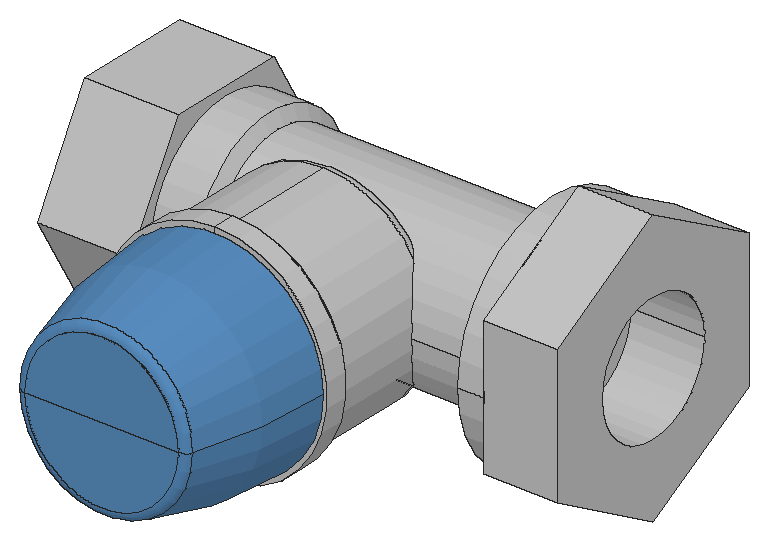
Revit family "Resideo_ThermostaticRadiatorValve_V2100Dzzz", category Pipe Accessories, Revit 2020
Family settings
  Round Connector Dimension = Use Radius
  Part Type = Valve - Breaks Into
  OmniClass Number = 23.65.55.00
  OmniClass Title = Distribution of Supplied Liquids/Gases
  Work Plane-Based = No
  Always vertical = Yes
  Cut with Voids When Loaded = No
  Shared = No
Parameters (values of type "V2100DPI20")
  pH-Range = "8 ... 9.5"
  c = 13.00 mm
  b = 25.00 mm
  a = 80.80 mm
  _ObjectUserGuide = "https://www.bimstore.co/products/thermostatic-radiator-valve-v2100d/document/object-user-guide"
  _DistributedBy = "https://www.bimstore.co/"
  _CurrentRevision = 1
  _CreatedBy = "https://www.bimstore.co/"
  _BimSpecGuid = 0
  _BSBibleVersion = 16
  _AuthorizedBy = "bimstore"
  _Author = "AM"
  WarrantyStartDate [instance] = "Please record on commissioning"
  WarrantyGuarantorParts = "www.resideo.com/gb/en/contact-us/"
  WarrantyGuarantorLabor = "www.resideo.com/gb/en/contact-us/"
  WarrantyDurationUnit = "Year"
  WarrantyDurationParts = "0"
  WarrantyDurationLabor = "0"
  WarrantyDescription = "n/a"
  ValveType = "V2100D"
  ValveSeries = "V2100, Kombi-TRV"
  TypeName = "V2100DPI20"
  StrokeStandard = "2.5 mm"
  SpareParts = "n/a"
  Size = "81mm (L) x 71mm (H) x 43mm (D)"
  Shape = "n/a"
  SerialNumber [instance] = "Please record on commissioning"
  SecondaryMaterial = Resideo - Plastic - Blue
  ReplacementCost = "n/a"
  ReferencedStandard = "n/a"
  RadiatorConnection = "R 3/4\""
  ProductionYear = "2023"
  PrimaryMaterial = Resideo - Brass - Nickel Plated
  PreSetting = "Yes"
  PipeConnection = "Rp 3/4\""
  NominalPressure = "PN10"
  NominalLength = 81.00 mm
  NominalHeight = 71.00 mm
  NominalFlow = "120 kg/h"
  NominalDepth = 43.00 mm
  NBSReference = "90-10-90/364"
  NBSOfficeMasterTag = "n/a"
  NBSObjectName = "Resideo - Thermostatic radiator valves"
  NBSNote = "n/a"
  NBSDescription = "Thermostatic radiator valves"
  ModelReference = "PI-TRV BODY STRAIGHT"
  ModelNumber = "V2100DPI20"
  MinimumFlow = 0.17 L/min
  MediumType = "Water or water-glycol mixture according to VDI 2035"
  MediaTemperatureRange = "2 ... 90 °C"
  MaximumOperatingPressure = 10.0 bar
  MaximumFlow = 2.67 L/min
  MaximumAmbientRelativeHumidity = "75 % (non condensing)"
  Material = "Brass"
  ManufacturerName = "Resideo"
  InstallationDate [instance] = "Please record on commissioning"
  IfcExportType = "IfcValveTypeEnum.ISOLATING"
  IfcExportAs = "IfcValve"
  Grade = "n/a"
  Force = "90 Nm"
  FlowController = "Yes"
  Finish = "n/a"
  Features = "n/a"
  ExpectedLife = 0
  DurationUnit = "Year"
  DocumentationTechnical = "https://www.bimstore.co/products/thermostatic-radiator-valve-v2100d/document/technical-data-sheet"
  DocumentationMaintenance = "https://www.bimstore.co/products/thermostatic-radiator-valve-v2100d/document/maintenance-information"
  DocumentationLiterature = "https://www.bimstore.co/products/thermostatic-radiator-valve-v2100d/document/product-literature"
  DocumentationInstallationGuide = "https://www.bimstore.co/products/thermostatic-radiator-valve-v2100d/document/installation-guide"
  DocumentationCertificates = "https://www.bimstore.co/products/thermostatic-radiator-valve-v2100d/document/product-certificates"
  DifferentialPressure = "0.1 … 0.6 bar"
  Default Elevation = 0.00 mm
  DN20 = yes
  DN15 = no
  DN10 = no
  CreatedOn = "2023-09-15 T:09:00:00"
  CreatedBy = "www.resideo.com/gb/en/contact-us/"
  Constituents = "n/a"
  ConnectionType = "M30x1.5"
  ConnectionSize = 20.00 mm
  ConnectionRadius = ConnectionSize / 2  # 10.00 mm
  Color = "n/a"
  CodePerformance = "n/a"
  ClosingDimension = "11.5 mm"
  ClassificationValue = "Pr_65_54_95_89"
  ClassificationName = "Uniclass 2015"
  BodyOffset = 3.40 mm
  BarCode [instance] = "Please record on commissioning"
  BIMObjectName = "Resideo_ThermostaticRadiatorValve_V2100D"
  AssetType = "Fixed"
  AssetIdentifier [instance] = "Please record on commissioning"
  URL = "www.resideo.com"
  Type Comments = "PI-TRV BODY STRAIGHT"
  Model = "V2100DPI20"
  Manufacturer = "Resideo"
  Loss Method = K Coefficient
  Keynote = "S"
  K Coefficient = 0
  Description = "PI-TRV BODY STRAIGHT"
  Cost = 0
  Assembly Code = "D20"
  Approvals = "EN215"
  AmbientTemperature = "0 ... 40 °C"
  AccessibilityPerformance = "n/a"
Types (3, lengths in mm): name | c | b | a | TypeName | Size | RadiatorConnection | PipeConnection | NominalLength | NominalHeight | NominalDepth | ModelNumber | DN20 | DN15 | DN10 | ConnectionSize | ConnectionRadius | BodyOffset | Model
  V2100DPI10 | 7.00 | 15.00 | 66.30 | "V2100DPI10" | "67mm (L) x 68mm (H) x 35mm (D)" | "R 3/8\"" | "Rp 3/8\"" | 67.00 | 68.00 | 35.00 | "V2100DPI10" | no | no | yes | 10.00 | 5.00 | 4.15 | "V2100DPI10"
  V2100DPI15 | 10.00 | 20.00 | 72.30 | "V2100DPI15" | "73mm (L) x 68mm (H) x 35mm (D)" | "R 1/2\"" | "Rp 1/2\"" | 73.00 | 68.00 | 35.00 | "V2100DPI15" | no | yes | no | 15.00 | 7.50 | 4.15 | "V2100DPI15"
  V2100DPI20 | 13.00 | 25.00 | 80.80 | "V2100DPI20" | "81mm (L) x 71mm (H) x 43mm (D)" | "R 3/4\"" | "Rp 3/4\"" | 81.00 | 71.00 | 43.00 | "V2100DPI20" | yes | no | no | 20.00 | 10.00 | 3.40 | "V2100DPI20"
Reference planes
  plane 1 "Center (Front/Back)": y = 0
  plane 2: z = 0
  plane 3 "Center (Left/Right)": x = 0
Forms (mm)
  Revolve 1, solid, material "Resideo - Plastic - Blue" <- "SecondaryMaterial", detail levels medium+fine
    sketch origin (-3.4, 0, 0) x (0, -1, 0) y (1, 0, 0)
      loop
        line (30.262, 0) -> (30.263, -16.746)
        arc (30.263, -16.746) -> (40.903, -15.949) -> (51.251, -13.347) r 62.304
        arc (51.251, -13.347) -> (51.984, -12.8) -> (52.262, -11.929) r 1.5
        line (52.262, -11.929) -> (52.262, 0) -> (30.262, 0)
      axis (30.262, 0) -> (52.262, 0)
    angle from 0 to 360
  Revolve 2, solid, material "Resideo - Brass - Nickel Plated" <- "PrimaryMaterial", detail levels medium+fine
    sketch origin (-3.4, 0, 0) x (0, -1, 0) y (0, 0, 1)
      loop
        line (30.262, 17.503) -> (26.751, 17.503) -> (25.749, 16.501) -> (9.121, 16.501)
        arc (9.121, 16.501) -> (8.148, 16.24) -> (7.436, 15.528) r 1.945
        line (7.436, 15.528) -> (6.122, 13.251)
        arc (6.122, 13.251) -> (5.219, 12.341) -> (3.984, 11.995) r 2.513
        arc (3.984, 11.995) -> (2.559, 11.385) -> (1.971, 9.95) r 2.045
        line (1.971, 9.95) -> (1.971, 0) -> (30.262, 0) -> (30.262, 17.503)
      axis (30.262, 0) -> (1.971, 0)
    angle from 0 to 360
  Revolve 3, solid, material "Resideo - Brass - Nickel Plated" <- "PrimaryMaterial", visible <- "DN10", detail levels medium+fine
    sketch origin (0, 0, 0) x (1, 0, 0) y (0, 1, 0)
      loop
        line (24.647, 0) -> (24.647, 13.503) -> (20.65, 13.503) -> (20.65, 11.456) -> (19.754, 11.456) -> (18.299, 10.001) -> (15.9, 10.001) -> (14.898, 8.999) -> (-14.037, 8.999) -> (-15.388, 10.35) -> (-23.55, 10.35) -> (-23.55, 0) -> (24.647, 0)
      axis (24.647, 0) -> (-23.55, 0)
    angle from 0 to 360
  Extrusion 4, solid, material "Resideo - Brass - Nickel Plated" <- "PrimaryMaterial", visible <- "DN10", detail levels medium+fine
    sketch origin (0, 0, 0) x (0, 1, 0) y (0, 0, 1)
      loop
        line (6.351, 11) -> (-6.351, 11) -> (-12.702, 0) -> (-6.351, -11) -> (6.351, -11) -> (12.702, 0) -> (6.351, 11)
      loop
        circle (0, 0) r 5
    from -33.15 to -23.55
  Extrusion 5, solid, material "Resideo - Brass - Nickel Plated" <- "PrimaryMaterial", visible <- "DN10", detail levels medium+fine
    sketch origin (0, 0, 0) x (0, 1, 0) y (0, 0, 1)
      loop
        line (-7.794, 13.5) -> (-15.588, 0) -> (-7.794, -13.5) -> (7.794, -13.5) -> (15.588, 0) -> (7.794, 13.5) -> (-7.794, 13.5)
      loop
        circle (0, 0) r 5
    from 24.647 to 33.15
  Revolve 6, solid, material "Resideo - Brass - Nickel Plated" <- "PrimaryMaterial", visible <- "DN15", detail levels medium+fine
    sketch origin (0, 0, 0) x (1, 0, 0) y (0, 1, 0)
      loop
        line (26.15, 0) -> (26.15, 15) -> (22.15, 15) -> (22.15, 11.499) -> (19.231, 11.499) -> (18.764, 10.498) -> (-14.072, 10.498) -> (-15.084, 12.25) -> (-24.15, 12.25) -> (-24.15, 0) -> (26.15, 0)
      axis (26.15, 0) -> (-24.15, 0)
    angle from 0 to 360
  Extrusion 7, solid, material "Resideo - Brass - Nickel Plated" <- "PrimaryMaterial", visible <- "DN15", detail levels medium+fine
    sketch origin (0, 0, 0) x (0, 1, 0) y (0, 0, 1)
      loop
        line (7.794, 13.5) -> (-7.794, 13.5) -> (-15.588, 0) -> (-7.794, -13.5) -> (7.794, -13.5) -> (15.588, 0) -> (7.794, 13.5)
      loop
        circle (0, 0) r 7.5
    from -36.15 to -24.15
  Extrusion 8, solid, material "Resideo - Brass - Nickel Plated" <- "PrimaryMaterial", visible <- "DN15", detail levels medium+fine
    sketch origin (0, 0, 0) x (0, 1, 0) y (0, 0, 1)
      loop
        line (0, 17.321) -> (-15, 8.66) -> (-15, -8.66) -> (0, -17.321) -> (15, -8.66) -> (15, 8.66) -> (0, 17.321)
      loop
        circle (0, 0) r 7.5
    from 26.15 to 36.15
  Revolve 9, solid, material "Resideo - Brass - Nickel Plated" <- "PrimaryMaterial", visible <- "DN20", detail levels medium+fine
    sketch origin (0, 0, 0) x (1, 0, 0) y (0, 1, 0)
      loop
        line (-25.9, 0) -> (28.9, 0) -> (28.9, 18.5) -> (24.9, 18.5) -> (24.9, 12.769) -> (-17.891, 12.769) -> (-19.041, 14.761) -> (-25.9, 14.761) -> (-25.9, 0)
      axis (28.9, 0) -> (-25.9, 0)
    angle from 0 to 360
  Extrusion 10, solid, material "Resideo - Brass - Nickel Plated" <- "PrimaryMaterial", visible <- "DN20", detail levels medium+fine
    sketch origin (0, 0, 0) x (0, 1, 0) y (0, 0, 1)
      loop
        line (0, 21.362) -> (-18.5, 10.681) -> (-18.5, -10.681) -> (0, -21.362) -> (18.5, -10.681) -> (18.5, 10.681) -> (0, 21.362)
      loop
        circle (0, 0) r 10
    from 28.9 to 40.4
  Extrusion 11, solid, material "Resideo - Brass - Nickel Plated" <- "PrimaryMaterial", visible <- "DN20", detail levels medium+fine
    sketch origin (0, 0, 0) x (0, 1, 0) y (0, 0, 1)
      loop
        line (9.238, 16) -> (-9.238, 16) -> (-18.475, 0) -> (-9.238, -16) -> (9.238, -16) -> (18.475, 0) -> (9.238, 16)
      loop
        circle (0, 0) r 10
    from -40.4 to -25.9
  Extrusion 12, solid, not visible, detail levels medium+fine
    sketch origin (0, 0, 0) x (0, -0.707107, -0.707107) y (0, 0.707107, -0.707107)
      loop
        circle (0, 0) r 2.5
    from -40.4 to 40.4
Lines and regions (mm)
  reference lines
    curve 1: line (-3.4, 0, 0) -> (-3.4, -55.262, 0)
  model lines, detail levels coarse
    curve 2: line (-20, 10, 0) -> (-20, -10, 0)
    curve 3: line (20, 10, 0) -> (20, -10, 0)
    curve 4: line (-20, 10, 0) -> (20, -10, 0)
    curve 5: line (20, 10, 0) -> (-20, -10, 0)
    curve 6: line (-40.4, 0, 0) -> (-20, 0, 0)
    curve 7: line (20, 0, 0) -> (40.4, 0, 0)
    curve 8: line (0, 0, 0) -> (0, -25, 0)
    curve 9: line (-10, -25, 0) -> (10, -25, 0)
    curve 10: line (-10, -25, 0) -> (-10, -12, 0)
    curve 11: line (10, -25, 0) -> (10, -12, 0)
Dimensions and locks
  "BodyOffset": curve 1 to plane 3 "Center (Left/Right)"
  equal spacing: Extrusion 12, plane 3 "Center (Left/Right)", Extrusion 12
  "a": Extrusion 12 to Extrusion 12
  equal spacing: curve 2, plane 1 "Center (Front/Back)", curve 2
  "ConnectionSize": curve 2 to curve 2
  equal spacing: curve 3, plane 1 "Center (Front/Back)", curve 3
  "ConnectionSize": curve 3 to curve 3
  "ConnectionSize": curve 2 to plane 3 "Center (Left/Right)"
  "ConnectionSize": plane 3 "Center (Left/Right)" to curve 3
  equal spacing: curve 6, plane 3 "Center (Left/Right)", curve 7
  "a": curve 6 to curve 7
  equal spacing: curve 9, plane 3 "Center (Left/Right)", curve 9
  "ConnectionSize": curve 9 to curve 9
  "b": curve 9 to plane 1 "Center (Front/Back)"
  "c": curve 9 to curve 11
  "c": curve 9 to curve 10
  aligned and locked: level to plane 2
  aligned and locked: level to Extrusion 12 sketch curve
  aligned and locked: plane 1 "Center (Front/Back)" to Extrusion 12 sketch curve
  aligned and locked: curve 2 to curve 6
  aligned and locked: curve 3 to curve 7
  aligned and locked: plane 1 "Center (Front/Back)" to curve 7
  aligned and locked: plane 1 "Center (Front/Back)" to curve 6
  aligned and locked: plane 1 "Center (Front/Back)" to curve 8
  aligned and locked: curve 9 to curve 8
Automatic sketch dimensions
  plane 1 "Center (Front/Back)" to Revolve 3 sketch curve = 0.00 mm  (x2)
  Revolve 3 sketch curve to Revolve 3 sketch curve = 8.162 mm
  Revolve 3 sketch curve to Revolve 3 sketch curve = 1.351 mm  (x2)
  plane 3 "Center (Left/Right)" to Revolve 3 sketch curve = 14.898 mm
  Revolve 3 sketch curve to Revolve 3 sketch curve = 1.002 mm  (x2)
  Revolve 3 sketch curve to Revolve 3 sketch curve = 2.399 mm
  Revolve 3 sketch curve to Revolve 3 sketch curve = 1.455 mm  (x2)
  Revolve 3 sketch curve to Revolve 3 sketch curve = 0.896 mm
  Revolve 3 sketch curve to Revolve 3 sketch curve = 3.997 mm
  Revolve 3 sketch curve to plane 1 "Center (Front/Back)" = 8.999 mm
  Revolve 3 sketch curve to Revolve 3 sketch curve = 2.047 mm
  Revolve 3 sketch curve to Revolve 3 sketch curve = 8.113 mm
  Revolve 3 sketch curve to Revolve 3 sketch curve = 0.00 mm
  Extrusion 4 sketch curve to level = 0.00 mm  (x3)
  Extrusion 4 sketch curve to plane 1 "Center (Front/Back)" = 0.00 mm
  plane 1 "Center (Front/Back)" to Extrusion 4 sketch curve = 6.351 mm  (x2)
  Extrusion 4 sketch curve to Extrusion 4 sketch curve = 6.351 mm  (x2)
  Extrusion 4 sketch curve to plane 1 "Center (Front/Back)" = 6.351 mm  (x2)
  Extrusion 4 sketch curve to level = 11.00 mm
  level to Extrusion 4 sketch curve = 11.00 mm
  Extrusion 5 sketch curve to level = 0.00 mm  (x3)
  Extrusion 5 sketch curve to plane 1 "Center (Front/Back)" = 0.00 mm
  plane 1 "Center (Front/Back)" to Extrusion 5 sketch curve = 7.794 mm  (x2)
  Extrusion 5 sketch curve to Extrusion 5 sketch curve = 7.794 mm  (x2)
  Extrusion 5 sketch curve to plane 1 "Center (Front/Back)" = 7.794 mm  (x2)
  Extrusion 5 sketch curve to level = 13.50 mm
  level to Extrusion 5 sketch curve = 13.50 mm
  plane 1 "Center (Front/Back)" to Revolve 6 sketch curve = 0.00 mm  (x2)
  Revolve 6 sketch curve to Revolve 6 sketch curve = 9.066 mm
  Revolve 6 sketch curve to Revolve 6 sketch curve = 1.011 mm
  plane 3 "Center (Left/Right)" to Revolve 6 sketch curve = 18.764 mm
  Revolve 6 sketch curve to Revolve 6 sketch curve = 0.467 mm
  Revolve 6 sketch curve to Revolve 6 sketch curve = 2.919 mm
  Revolve 6 sketch curve to Revolve 6 sketch curve = 4.00 mm
  Revolve 6 sketch curve to plane 1 "Center (Front/Back)" = 10.498 mm
  Revolve 6 sketch curve to Revolve 6 sketch curve = 1.00 mm
  Revolve 6 sketch curve to Revolve 6 sketch curve = 1.752 mm
  Revolve 6 sketch curve to Revolve 6 sketch curve = 3.501 mm
  Revolve 6 sketch curve to Revolve 6 sketch curve = 10.00 mm
  Revolve 6 sketch curve to Revolve 6 sketch curve = 0.00 mm
  Extrusion 7 sketch curve to level = 0.00 mm  (x3)
  Extrusion 7 sketch curve to plane 1 "Center (Front/Back)" = 0.00 mm
  plane 1 "Center (Front/Back)" to Extrusion 7 sketch curve = 7.794 mm  (x2)
  plane 1 "Center (Front/Back)" to Extrusion 7 sketch curve = 15.588 mm
  Extrusion 7 sketch curve to plane 1 "Center (Front/Back)" = 7.794 mm  (x2)
  Extrusion 7 sketch curve to Extrusion 7 sketch curve = 7.794 mm
  Extrusion 7 sketch curve to level = 13.50 mm
  level to Extrusion 7 sketch curve = 13.50 mm
  Extrusion 8 sketch curve to plane 1 "Center (Front/Back)" = 0.00 mm  (x3)
  Extrusion 8 sketch curve to level = 0.00 mm
  plane 1 "Center (Front/Back)" to Extrusion 8 sketch curve = 15.00 mm
  Extrusion 8 sketch curve to plane 1 "Center (Front/Back)" = 15.00 mm
  Extrusion 8 sketch curve to level = 8.66 mm  (x2)
  Extrusion 8 sketch curve to Extrusion 8 sketch curve = 8.66 mm
  level to Extrusion 8 sketch curve = 8.66 mm  (x2)
  level to Extrusion 8 sketch curve = 17.321 mm
  Revolve 3 sketch curve to plane 3 "Center (Left/Right)" = 14.037 mm
  Revolve 6 sketch curve to plane 3 "Center (Left/Right)" = 14.072 mm
  Revolve 1 sketch curve to curve 1 = 0.00 mm  (x2)
  curve 1 to Revolve 1 sketch curve = 30.262 mm
  Revolve 1 sketch curve to curve 1 = 16.746 mm
  curve 1 to Revolve 1 sketch curve = 30.945 mm
  Revolve 1 sketch curve to curve 1 = 4.50 mm
  Revolve 1 sketch curve to Revolve 1 sketch curve = 1.50 mm
  Revolve 1 sketch curve to curve 1 = 11.929 mm
  curve 1 to Revolve 1 sketch curve = 45.554 mm
  Revolve 1 sketch curve to Revolve 1 sketch curve = 0.00 mm
  curve 1 to Revolve 1 sketch curve = 2.00 mm
  plane 1 "Center (Front/Back)" to Revolve 9 sketch curve = 0.00 mm  (x2)
  Revolve 9 sketch curve to plane 3 "Center (Left/Right)" = 25.90 mm
  Revolve 9 sketch curve to Revolve 9 sketch curve = 6.859 mm
  Revolve 9 sketch curve to Revolve 9 sketch curve = 1.15 mm
  plane 3 "Center (Left/Right)" to Revolve 9 sketch curve = 24.90 mm
  Revolve 9 sketch curve to Revolve 9 sketch curve = 4.00 mm
  Revolve 9 sketch curve to plane 1 "Center (Front/Back)" = 12.769 mm
  Revolve 9 sketch curve to Revolve 9 sketch curve = 1.992 mm
  Revolve 9 sketch curve to Revolve 9 sketch curve = 5.731 mm
  Revolve 9 sketch curve to Revolve 9 sketch curve = 20.00 mm
  Revolve 9 sketch curve to Revolve 9 sketch curve = 0.00 mm
  Extrusion 10 sketch curve to plane 1 "Center (Front/Back)" = 0.00 mm  (x3)
  Extrusion 10 sketch curve to level = 0.00 mm
  plane 1 "Center (Front/Back)" to Extrusion 10 sketch curve = 18.50 mm
  Extrusion 10 sketch curve to plane 1 "Center (Front/Back)" = 18.50 mm
  Extrusion 10 sketch curve to level = 10.681 mm  (x2)
  Extrusion 10 sketch curve to Extrusion 10 sketch curve = 10.681 mm  (x2)
  level to Extrusion 10 sketch curve = 10.681 mm  (x2)
  Extrusion 11 sketch curve to level = 0.00 mm  (x3)
  Extrusion 11 sketch curve to plane 1 "Center (Front/Back)" = 0.00 mm
  plane 1 "Center (Front/Back)" to Extrusion 11 sketch curve = 9.238 mm  (x2)
  Extrusion 11 sketch curve to Extrusion 11 sketch curve = 9.238 mm  (x2)
  Extrusion 11 sketch curve to plane 1 "Center (Front/Back)" = 9.238 mm  (x2)
  Extrusion 11 sketch curve to level = 16.00 mm
  level to Extrusion 11 sketch curve = 16.00 mm
  Revolve 2 sketch curve to curve 1 = 0.00 mm
  curve 1 to Revolve 2 sketch curve = 0.00 mm
  curve 1 to Revolve 2 sketch curve = 1.971 mm
  curve 1 to Revolve 2 sketch curve = 3.945 mm
  Revolve 2 sketch curve to Revolve 2 sketch curve = 2.045 mm
  Revolve 2 sketch curve to Revolve 2 sketch curve = 2.176 mm
  Revolve 2 sketch curve to Revolve 2 sketch curve = 1.315 mm
  Revolve 2 sketch curve to Revolve 2 sketch curve = 1.685 mm
  Revolve 2 sketch curve to Revolve 2 sketch curve = 16.628 mm
  Revolve 2 sketch curve to Revolve 2 sketch curve = 1.002 mm  (x2)
  Revolve 2 sketch curve to Revolve 2 sketch curve = 3.512 mm
  curve 1 to Revolve 2 sketch curve = 9.95 mm
  Revolve 2 sketch curve to Revolve 2 sketch curve = 3.301 mm
  Revolve 2 sketch curve to Revolve 2 sketch curve = 1.256 mm
  Revolve 2 sketch curve to Revolve 2 sketch curve = 1.305 mm
  Revolve 2 sketch curve to Revolve 2 sketch curve = 0.973 mm
  Revolve 2 sketch curve to Revolve 2 sketch curve = 0.00 mm
  Revolve 2 sketch curve to curve 1 = 4.577 mm
  plane 1 "Center (Front/Back)" to curve 1 = 0.00 mm
  plane 1 "Center (Front/Back)" to curve 1 = 55.262 mm
  radius of Extrusion 4 sketch curve = 5.00 mm
  radius of Extrusion 5 sketch curve = 5.00 mm
  radius of Extrusion 7 sketch curve = 7.50 mm
  radius of Extrusion 8 sketch curve = 7.50 mm
  radius of Extrusion 10 sketch curve = 10.00 mm
  radius of Extrusion 11 sketch curve = 10.00 mm
  radius of Extrusion 12 sketch curve = 2.50 mm
Connectors
  piping at (-40.4, 0, 0), diameter 20, driven by "ConnectionRadius"
    settings: on Extrusion 12, index 1, connector inside diameter 609.6 mm, connector length 0.00 mm, flow factor 0, pipe flow 0.0 L/min, pressure drop 0.0 bar, fitting loss kfactor 0, connector angle 0.00°, fixture units 0, engagement length 0.00 mm, angle of deflection 0.00°, flow configuration 0, flow direction 1, fitting loss method 0, system type 29, joint type 0, gender type 0, connector reference index -1, connector utility 0, adjustable connector no, is connector primary yes, connector description ""
  piping at (40.4, 0, 0), diameter 20, driven by "ConnectionRadius"
    settings: on Extrusion 12, index 2, connector inside diameter 609.6 mm, connector length 0.00 mm, flow factor 0, pipe flow 0.0 L/min, pressure drop 0.0 bar, fitting loss kfactor 0, connector angle 0.00°, fixture units 0, engagement length 0.00 mm, angle of deflection 0.00°, flow configuration 0, flow direction 2, fitting loss method 0, system type 29, joint type 0, gender type 0, connector reference index -1, connector utility 0, adjustable connector no, is connector primary no, connector description ""
